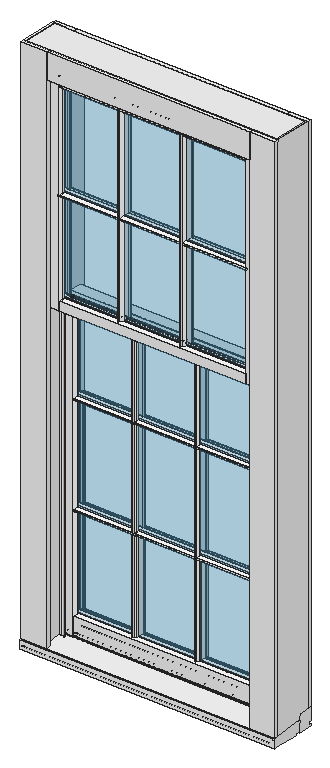
Revit family "B1-69", category Generic Models, Revit 2012
Parameters (values of type "Window Sill drawing")
  Width = 1600 mm
  Height = 1250 mm
  GlazingPanelMaterial = Glass
  Floor Material = White
Reference planes
  plane 1 "Center (Front/Back)": y = 0
  plane 2: z = 0
  plane 3 "Center (Left/Right)": x = 104
  plane 4: z = 2144
  plane 5: x = -800
  plane 6: y = -21.25
  plane 7: y = 137.75
  plane 8: x = -669
  plane 9: y = -21.25
  plane 10: z = 1275.52
  plane 11: z = 1231.52
  plane 12: z = 2044
  plane 13: z = 2058
  plane 14: z = 33
  plane 15: z = 2062
  plane 16: z = 68
  plane 17: x = 204
  plane 18: x = -431.5
  plane 19: x = -184.921
  plane 20: z = -98.018
  plane 21: y = 110
  plane 22: y = 110
  plane 23: y = 110
  plane 24: y = 110
  plane 25: y = 110
  plane 26: y = 110
  plane 27: x = 73
  plane 28: x = 718
  plane 29: z = 2144
  plane 30: y = 110
  plane 31: y = 110
  plane 32: y = 110
  plane 33: z = 484
  plane 34: z = 2013.938
  plane 35: z = 1628.52
  plane 36: y = 39.937
  plane 37: y = 39.937
  plane 38: y = 39.937
  plane 39: z = 877.04
  plane 40: y = 110
  plane 41: y = 110
  plane 42: y = 110
Forms (mm)
  Extrusion 1, solid, material "White" <- "Floor Material"
    sketch origin (250, 0, 963.815) x (0, 1, 0) y (0, 0, 1)
      loop
        arc (117, 270.705) -> (122.657, 273.048) -> (125, 278.705) r 8
        line (125, 278.705) -> (128, 278.705) -> (128, 283.705) -> (109, 283.705) -> (109, 271.705) -> (112, 271.705) -> (113, 267.705) -> (117, 267.705) -> (117, 270.705)
      loop
        line (105, 279.705) -> (89, 279.705) -> (89, 269.705) -> (105, 269.705) -> (105, 279.705)
      loop
        line (60, 267.705) -> (60, 292.705) -> (54, 292.705) -> (54, 295.705) -> (12, 295.705) -> (12, 311.705) -> (10, 311.705) -> (0, 301.705) -> (0, 267.705) -> (30.175, 267.705) -> (60, 267.705)
      loop
        line (34, 309.705) -> (18, 309.705) -> (18, 299.705) -> (34, 299.705) -> (34, 309.705)
      loop
        arc (55.863, 295.544) -> (54.863, 294.544) -> (55.863, 293.544) r 1
        line (55.863, 293.544) -> (63.363, 293.544) -> (63.363, 297.514) -> (65.419, 294.702)
        arc (65.419, 294.702) -> (66.732, 294.803) -> (66.834, 296.116) r 1.012
        line (66.834, 296.116) -> (63.848, 300.198)
        arc (63.848, 300.198) -> (62.358, 300.722) -> (61.333, 299.52) r 1.396
        line (61.333, 299.52) -> (61.333, 295.544) -> (55.863, 295.544)
    from -917.922 to -178.078
  Extrusion 2, solid, material "White" <- "Floor Material"
    sketch origin (1015, 13.291, 911.009) x (0, 1, 0) y (0, 0, 1)
      loop
        line (69.709, 336.511) -> (96.209, 336.511) -> (96.209, 364.511) -> (50.709, 364.511) -> (50.709, 359.511) -> (52.709, 349.511) -> (57.709, 349.511) -> (57.709, 339.968) -> (63.93, 339.968) -> (63.93, 336.511) -> (57.709, 336.511) -> (57.709, 320.511) -> (69.709, 320.511) -> (69.709, 336.511)
      loop
        line (53.709, 320.511) -> (53.709, 325.511) -> (51.709, 335.511) -> (46.709, 335.511) -> (46.709, 320.511) -> (53.709, 320.511)
      loop
        line (46.709, 364.511) -> (28.709, 364.511) -> (27.709, 360.511) -> (24.709, 360.511) -> (24.709, 348.511) -> (46.709, 348.511) -> (46.709, 364.511)
      loop
        arc (62.465, 337.284) -> (63.465, 338.284) -> (62.465, 339.284) r 1
        line (62.465, 339.284) -> (54.965, 339.284) -> (54.965, 335.315) -> (52.908, 338.127)
        arc (52.908, 338.127) -> (51.596, 338.025) -> (51.494, 336.712) r 1.012
        line (51.494, 336.712) -> (54.48, 332.63)
        arc (54.48, 332.63) -> (55.97, 332.107) -> (56.995, 333.309) r 1.396
        line (56.995, 333.309) -> (56.995, 337.284) -> (62.465, 337.284)
    from -1688.922 to -937.311
  Extrusion 3, solid, material "White" <- "Floor Material"
    sketch origin (865, 123.171, 924.733) x (0, 1, 0) y (0, 0, 1)
      loop
        line (-14.171, 306.296) -> (-10.171, 306.787) -> (-11.171, 310.787) -> (-14.171, 310.787) -> (-14.171, 306.296)
      loop
        line (-38.171, 306.542) -> (-38.171, 309.542) -> (-40.171, 309.787) -> (-40.171, 306.787) -> (-38.171, 306.542)
      loop
        line (-85.171, 351.278) -> (-85.171, 346.787) -> (-82.171, 346.787) -> (-81.171, 350.787) -> (-85.171, 351.278)
      loop
        line (-111.171, 347.787) -> (-109.171, 348.033) -> (-109.171, 351.033) -> (-111.171, 350.787) -> (-111.171, 347.787)
    from -1534 to -787.209
  Extrusion 4, solid, material "Glass" <- "GlazingPanelMaterial"
    sketch origin (150, 64.106, 220.533) x (0, 1, 0) y (0, 0, 1)
      loop
        line (44.88, -103.528) -> (44.88, 1021.987) -> (40.88, 1021.987) -> (40.88, -103.528) -> (44.88, -103.528)
      loop
        line (24.88, 1021.987) -> (20.88, 1021.987) -> (20.88, -103.528) -> (24.88, -103.528) -> (24.88, 1021.987)
    from -819 to -88.078
  Extrusion 5, solid, material "White" <- "Floor Material"
    sketch origin (761.418, 125.498, 1270.719) x (0, -0.121869, -0.992546) y (0, 0.992546, -0.121869)
      loop
        line (28.327, -57.65) -> (23.969, -54.354)
        arc (23.969, -54.354) -> (22.506, -54.612) -> (22.765, -56.075) r 1.05
        line (22.765, -56.075) -> (26.332, -58.837)
        arc (26.332, -58.837) -> (26.584, -59.776) -> (25.835, -60.396) r 0.9
        line (25.835, -60.396) -> (19.693, -61.15)
        arc (19.693, -61.15) -> (19.162, -61.383) -> (18.989, -61.936) r 0.7
        line (18.989, -61.936) -> (19.197, -63.633) -> (19.712, -64.398) -> (20.1, -67.562) -> (19.196, -66.76) -> (19.293, -67.554) -> (20.152, -68.225) -> (20.951, -68.183) -> (23.094, -67.324) -> (22.996, -66.53) -> (20.532, -66.978) -> (20.205, -64.315)
        arc (20.205, -64.315) -> (20.389, -63.651) -> (20.989, -63.312) r 0.9
        line (20.989, -63.312) -> (28.761, -62.358)
        arc (28.761, -62.358) -> (29.205, -62.1) -> (29.324, -61.601) r 0.65
        line (29.324, -61.601) -> (28.752, -58.33)
        arc (28.752, -58.33) -> (28.631, -57.932) -> (28.327, -57.65) r 0.798
    from -1430.418 to -1181
  Extrusion 6, solid, material "White" <- "Floor Material"
    sketch origin (911.418, 126.532, 1271.954) x (0, -0.121869, -0.992546) y (0, 0.992546, -0.121869)
      loop
        arc (25.38, -55.148) -> (23.778, -55.428) -> (24.057, -57.03) r 1.15
        line (24.057, -57.03) -> (27.62, -59.789)
        arc (27.62, -59.789) -> (27.84, -60.623) -> (27.175, -61.172) r 0.8
        line (27.175, -61.172) -> (20.939, -61.931)
        arc (20.939, -61.931) -> (20.405, -62.232) -> (20.241, -62.823) r 0.8
        line (20.241, -62.823) -> (20.45, -64.52) -> (20.968, -65.312) -> (21.339, -68.337) -> (20.548, -67.635) -> (20.645, -68.429) -> (21.504, -69.1) -> (22.303, -69.058) -> (24.446, -68.2) -> (24.348, -67.406) -> (21.983, -67.835) -> (21.657, -65.178)
        arc (21.657, -65.178) -> (21.82, -64.588) -> (22.353, -64.287) r 0.8
        line (22.353, -64.287) -> (30.127, -63.332)
        arc (30.127, -63.332) -> (30.638, -63.034) -> (30.774, -62.459) r 0.75
        line (30.774, -62.459) -> (30.244, -59.424)
        arc (30.244, -59.424) -> (30.154, -58.918) -> (29.833, -58.516) r 1.042
        line (29.833, -58.516) -> (25.38, -55.148)
    from -1580.418 to -1331
  Extrusion 7, solid, material "White" <- "Floor Material"
    sketch origin (861.418, 121.497, 1283.598) x (0, -0.121869, -0.992546) y (0, 0.992546, -0.121869)
      loop
        line (37.899, -55.316) -> (32.161, -55.997)
        arc (32.161, -55.997) -> (31.827, -56.184) -> (31.724, -56.554) r 0.5
        line (31.724, -56.554) -> (32.395, -62.021) -> (31.491, -61.219) -> (31.588, -62.013) -> (32.447, -62.684) -> (33.246, -62.642) -> (35.389, -61.784) -> (35.291, -60.989) -> (32.827, -61.437) -> (32.285, -57.019)
        arc (32.285, -57.019) -> (32.428, -56.659) -> (32.772, -56.479) r 0.558
        line (32.772, -56.479) -> (37.96, -55.818)
        arc (37.96, -55.818) -> (38.179, -55.536) -> (37.899, -55.316) r 0.253
    from -1530.418 to -788.418
  Extrusion 8, solid, material "White" <- "Floor Material"
    sketch origin (-78.582, 5.502, 1236.603) x (0, 0.121869, 0.992546) y (0, -0.992546, 0.121869)
      loop
        line (28.327, -57.65) -> (23.969, -54.354)
        arc (23.969, -54.354) -> (22.506, -54.612) -> (22.765, -56.075) r 1.05
        line (22.765, -56.075) -> (26.332, -58.837)
        arc (26.332, -58.837) -> (26.584, -59.776) -> (25.835, -60.396) r 0.9
        line (25.835, -60.396) -> (19.693, -61.15)
        arc (19.693, -61.15) -> (19.162, -61.383) -> (18.989, -61.936) r 0.7
        line (18.989, -61.936) -> (19.197, -63.633) -> (19.712, -64.398) -> (20.1, -67.562) -> (19.196, -66.76) -> (19.293, -67.554) -> (20.152, -68.225) -> (20.951, -68.183) -> (23.094, -67.324) -> (22.996, -66.53) -> (20.532, -66.978) -> (20.205, -64.315)
        arc (20.205, -64.315) -> (20.389, -63.651) -> (20.989, -63.312) r 0.9
        line (20.989, -63.312) -> (28.761, -62.358)
        arc (28.761, -62.358) -> (29.205, -62.1) -> (29.324, -61.601) r 0.65
        line (29.324, -61.601) -> (28.752, -58.33)
        arc (28.752, -58.33) -> (28.631, -57.932) -> (28.327, -57.65) r 0.798
    from -590.418 to 140.504
  Extrusion 9, solid, material "White" <- "Floor Material"
    sketch origin (736.418, 9.503, 1223.725) x (0, 0.121869, 0.992546) y (0, -0.992546, 0.121869)
      loop
        line (37.899, -55.316) -> (32.161, -55.997)
        arc (32.161, -55.997) -> (31.827, -56.184) -> (31.724, -56.554) r 0.5
        line (31.724, -56.554) -> (32.395, -62.021) -> (31.491, -61.219) -> (31.588, -62.013) -> (32.447, -62.684) -> (33.246, -62.642) -> (35.389, -61.784) -> (35.291, -60.989) -> (32.827, -61.437) -> (32.285, -57.019)
        arc (32.285, -57.019) -> (32.428, -56.659) -> (32.772, -56.479) r 0.558
        line (32.772, -56.479) -> (37.96, -55.818)
        arc (37.96, -55.818) -> (38.179, -55.536) -> (37.899, -55.316) r 0.253
    from -1405.418 to -674.496
  Extrusion 10, solid, material "White" <- "Floor Material"
    sketch origin (815, 0, 963.815) x (0, 1, 0) y (0, 0, 1)
      loop
        line (38, 299.705) -> (12, 299.705) -> (12, 295.705) -> (38, 295.705) -> (38, 299.705)
      loop
        line (109, 283.705) -> (83, 283.705) -> (83, 279.705) -> (109, 279.705) -> (109, 283.705)
    from -1484 to -1234.582
  Extrusion 11, solid, not visible
    sketch origin (0, 0, 9.375) x (0, 1, 0) y (0, 0, 1)
      loop
        line (94.662, 311.911) -> (94.314, 312.868) -> (95.314, 312.868) -> (93.454, 317.977) -> (86.115, 317.977) -> (85.011, 317.575) -> (64.143, 317.575) -> (64.143, 311.911) -> (94.662, 311.911)
    from 0 to 250
  Extrusion 12, solid, not visible
    sketch origin (0, 0, 9.375) x (0, 1, 0) y (0, 0, 1)
      loop
        line (93.688, 317.334) -> (85.92, 317.334) -> (87.101, 312.926) -> (95.293, 312.926) -> (93.688, 317.334)
      loop
        line (91.853, 322.376) -> (91.853, 328.194)
        arc (91.853, 328.194) -> (91.424, 329.231) -> (90.388, 329.66) r 1.465
        line (90.388, 329.66) -> (71.853, 329.66) -> (71.853, 322.376) -> (91.853, 322.376)
      loop
        line (73.373, 320.598) -> (64.143, 320.598) -> (64.143, 317.575) -> (73.373, 317.575) -> (73.373, 320.598)
      loop
        line (61.169, 311.884) -> (61.169, 316.884) -> (56.169, 316.884)
        arc (56.169, 316.884) -> (53.926, 317.813) -> (52.996, 320.057) r 3.173
        line (52.996, 320.057) -> (52.996, 327.594)
        arc (52.996, 327.594) -> (53.247, 329.284) -> (54.656, 330.25) r 2.138
        line (54.656, 330.25) -> (56.493, 330.25)
        arc (56.493, 330.25) -> (57.939, 329.727) -> (58.925, 328.548) r 2.95
        line (58.925, 328.548) -> (59.306, 324.922) -> (61.24, 324.922) -> (60.612, 330.901)
        arc (60.612, 330.901) -> (59.723, 332.646) -> (57.894, 333.348) r 2.733
        line (57.894, 333.348) -> (52.423, 333.348)
        arc (52.423, 333.348) -> (50.164, 330.795) -> (49.999, 327.391) r 5.139
        line (49.999, 327.391) -> (47.957, 316.884)
        arc (47.957, 316.884) -> (49.179, 314.507) -> (49.698, 311.884) r 9.583
        line (49.698, 311.884) -> (61.169, 311.884)
    from 0 to 250
  Extrusion 13, solid, material "White" <- "Floor Material"
    sketch origin (50, -21.25, 1760.188) x (0, 1, 0) y (0, 0, 1)
      loop
        line (78.5, 268.749) -> (59.5, 268.749) -> (59.5, 256.749) -> (62.5, 256.749) -> (63.5, 252.749) -> (67.5, 252.749) -> (67.5, 255.749)
        arc (67.5, 255.749) -> (73.157, 258.092) -> (75.5, 263.749) r 8
        line (75.5, 263.749) -> (78.5, 263.749) -> (78.5, 268.749)
      loop
        line (67.534, 317.378) -> (63.288, 313.116) -> (63.101, 309.432)
        arc (63.101, 309.432) -> (63.279, 308.951) -> (63.75, 308.749) r 0.65
        line (63.75, 308.749) -> (71.582, 308.749)
        arc (71.582, 308.749) -> (72.219, 308.486) -> (72.482, 307.849) r 0.9
        line (72.482, 307.849) -> (72.482, 305.266) -> (69.639, 305.266) -> (69.639, 304.437) -> (70.5, 304.437) -> (72.582, 304.032) -> (73.5, 304.437) -> (73.5, 308.749) -> (73.4, 310.459)
        arc (73.4, 310.459) -> (73.16, 310.987) -> (72.605, 311.153) r 0.7
        line (72.605, 311.153) -> (66.417, 311.153)
        arc (66.417, 311.153) -> (65.695, 311.514) -> (65.553, 312.309) r 0.9
        line (65.553, 312.309) -> (68.938, 315.817)
        arc (68.938, 315.817) -> (69.016, 317.299) -> (67.534, 317.378) r 1.05
    from -719 to 23
  Extrusion 14, solid, material "White" <- "Floor Material"
    sketch origin (50, -21.25, 1749.251) x (0, 1, 0) y (0, 0, 1)
      loop
        line (154, 344.749) -> (154, 388.749) -> (20, 388.749) -> (20, 344.749) -> (154, 344.749)
    from -749.921 to 54
  Extrusion 15, solid, material "Glass" <- "GlazingPanelMaterial"
    sketch origin (0, -6.957, 1502.493) x (0, 1, 0) y (0, 0, 1)
      loop
        line (45.207, -226.973) -> (45.207, 526.445) -> (41.207, 526.445) -> (41.207, -226.973) -> (45.207, -226.973)
      loop
        line (24.957, 526.445) -> (20.957, 526.445) -> (20.957, -226.973) -> (24.957, -226.973) -> (24.957, 526.445)
    from -669 to 61.922
  Extrusion 16, solid, material "White" <- "Floor Material"
    sketch origin (-72.332, 95.318, 2181.485) x (0, 1, 0) y (0, 0, 1)
      loop
        line (-97.368, -115.408) -> (-98.782, -115.408) -> (-98.782, -120.691) -> (-97.368, -120.691) -> (-97.368, -119.602) -> (-97.368, -116.493) -> (-97.368, -115.408)
    from -596.668 to -347.25
  Extrusion 17, solid, material "White" <- "Floor Material"
    sketch origin (50, -21.25, 1760.188) x (0, 1, 0) y (0, 0, 1)
      loop
        line (17, 304.499) -> (13, 304.499) -> (13, 301.999) -> (17, 301.999) -> (17, 299.749) -> (20, 299.749) -> (20, 301.694) -> (19.2, 301.694) -> (19.2, 300.606) -> (17.786, 300.606) -> (17.786, 305.893) -> (19.2, 305.893) -> (19.2, 304.804) -> (20, 304.804) -> (20, 306.749) -> (17, 306.749) -> (17, 304.499)
    from -719 to 23
  Extrusion 18, solid, material "White" <- "Floor Material"
    sketch origin (50, -21.25, 1760.188) x (0, 1, 0) y (0, 0, 1)
      loop
        line (23.862, 300.393) -> (23.862, 306.074)
        spline (23.862, 306.074) -> (23.6, 305.683) -> (23.284, 305.425) -> (22.922, 305.27) -> (22.524, 305.189) -> (22.101, 305.153) -> (21.66, 305.133) -> (21.213, 305.1) -> (20.767, 305.024) -> (20.334, 304.876) -> (19.922, 304.627) -> (19.541, 304.248) -> (19.2, 303.71)
        line (19.2, 303.71) -> (19.2, 302.476)
        spline (19.2, 302.476) -> (19.558, 301.967) -> (19.948, 301.615) -> (20.362, 301.392) -> (20.792, 301.269) -> (21.23, 301.216) -> (21.669, 301.205) -> (22.099, 301.206) -> (22.515, 301.191) -> (22.906, 301.132) -> (23.267, 300.998) -> (23.588, 300.761) -> (23.862, 300.393)
    from -719 to -224
  Extrusion 19, solid, material "White" <- "Floor Material"
    sketch origin (-22.332, 36.182, 2181.485) x (0, -1, 0) y (0, 0, -1)
      loop
        line (-97.368, 115.408) -> (-97.368, 116.493) -> (-97.368, 119.602) -> (-97.368, 120.691) -> (-98.782, 120.691) -> (-98.782, 115.408) -> (-97.368, 115.408)
    from -695.605 to 95.332
  Extrusion 20, solid, material "White" <- "Floor Material"
    sketch origin (25, 152.75, 1760.188) x (0, -1, 0) y (0, 0, -1)
      loop
        spline (23.862, -300.393) -> (23.588, -300.761) -> (23.267, -300.998) -> (22.906, -301.132) -> (22.515, -301.191) -> (22.099, -301.206) -> (21.669, -301.205) -> (21.23, -301.216) -> (20.792, -301.269) -> (20.362, -301.392) -> (19.948, -301.615) -> (19.558, -301.967) -> (19.2, -302.476)
        line (19.2, -302.476) -> (19.2, -303.71)
        spline (19.2, -303.71) -> (19.541, -304.248) -> (19.922, -304.627) -> (20.334, -304.876) -> (20.767, -305.024) -> (21.213, -305.1) -> (21.66, -305.133) -> (22.101, -305.153) -> (22.524, -305.189) -> (22.922, -305.27) -> (23.284, -305.425) -> (23.6, -305.683) -> (23.862, -306.074)
        line (23.862, -306.074) -> (23.862, -300.393)
    from -694 to -444.582
  Extrusion 21, solid, material "White" <- "Floor Material"
    sketch origin (50, 234.566, 1876.409) x (0, 1, 0) y (0, 0, 1)
      loop
        line (-222.316, 137.529) -> (-220.566, 137.744) -> (-220.566, 140.529) -> (-222.316, 140.529) -> (-222.316, 137.529)
      loop
        line (-193.316, 140.529) -> (-196.316, 140.529) -> (-196.316, 136.529) -> (-192.316, 136.529) -> (-193.316, 140.529)
    from -719 to -469.582
  Extrusion 22, solid, material "White" <- "Floor Material"
    sketch origin (50, -21.25, 1749.251) x (0, 1, 0) y (0, 0, 1)
      loop
        line (159, 312.749) -> (159, 388.749) -> (20, 388.749) -> (20, 329.749) -> (15, 329.749) -> (15, 321.749) -> (20, 321.749) -> (20, 312.749) -> (83, 312.749) -> (83, 319.749) -> (91, 319.749) -> (91, 312.749) -> (159, 312.749)
    from -767.938 to 71.921
  Extrusion 23, solid, material "White" <- "Floor Material"
    sketch origin (-172.332, 69.685, -12.907) x (0, -1, 0) y (0, 0, -1)
      loop
        line (-28.815, -17.907) -> (-28.815, -45.907) -> (-33.815, -45.907) -> (-33.815, -60.907) -> (-28.815, -60.907) -> (92.551, -46.005)
        arc (92.551, -46.005) -> (94.432, -45.015) -> (95.185, -43.027) r 3
        line (95.185, -43.027) -> (95.185, -12.907) -> (90.185, -12.907) -> (90.185, -14.907)
        arc (90.185, -14.907) -> (87.185, -17.907) -> (84.185, -14.907) r 3
        line (84.185, -14.907) -> (84.185, -12.907) -> (-8.815, -12.907) -> (-8.815, -17.907) -> (-28.815, -17.907)
    from -627.668 to 376.332
  Extrusion 24, solid, material "White" <- "Floor Material"
    sketch origin (-172.332, 69.685, 0) x (0, -1, 0) y (0, 0, -1)
      loop
        line (-82.815, 0) -> (-82.815, -10) -> (-72.815, -10) -> (-72.815, -20) -> (-82.815, -20) -> (-82.815, -68) -> (-62.815, -68) -> (-28.815, -63.825) -> (-28.815, -58.913)
        arc (-28.815, -58.913) -> (-31.815, -55.913) -> (-28.815, -52.913) r 3
        line (-28.815, -52.913) -> (-28.815, -48) -> (-33.815, -48) -> (-33.815, -33) -> (-28.815, -33) -> (-28.815, 0) -> (-82.815, 0)
    from -627.668 to 376.332
  Extrusion 25, solid, material "White" <- "Floor Material"
    sketch origin (-172.332, 75.723, -26.266) x (0, -1, 0) y (0, 0, -1)
      loop
        line (-6.277, -76.621) -> (-17.277, -77.972) -> (-17.277, -99.936) -> (-21.277, -99.936) -> (-21.277, -139.271) -> (-7.277, -139.271) -> (-7.277, -155.271) -> (-5.277, -155.271) -> (4.723, -145.271) -> (4.723, -77.246)
        arc (4.723, -77.246) -> (3.711, -74.999) -> (1.357, -74.268) r 3
        line (1.357, -74.268) -> (-3.277, -74.837) -> (-3.277, -82.253) -> (-6.277, -82.253) -> (-6.277, -76.621)
      loop
        line (-55.277, -139.271) -> (-29.277, -139.271) -> (-29.277, -99.936) -> (-33.277, -99.936) -> (-33.277, -94.936) -> (-44.277, -96.287) -> (-44.277, -102.287) -> (-47.277, -102.287) -> (-47.277, -96.655) -> (-52.643, -97.314)
        arc (-52.643, -97.314) -> (-54.524, -98.304) -> (-55.277, -100.292) r 3
        line (-55.277, -100.292) -> (-55.277, -139.271)
    from -495.589 to 244.332
  Extrusion 26, solid, material "White" <- "Floor Material"
    sketch origin (-172.332, 36.806, -33.552) x (0, -1, 0) y (0, 0, -1)
      loop
        line (-97.22, -108.207) -> (-97.22, -106.552) -> (-98.72, -106.552) -> (-98.72, -111.552) -> (-97.22, -111.552) -> (-97.22, -109.898)
        spline (-97.22, -109.898) -> (-96.846, -110.536) -> (-96.419, -110.991) -> (-95.951, -111.297) -> (-95.454, -111.486) -> (-94.941, -111.593) -> (-94.423, -111.65) -> (-93.912, -111.691) -> (-93.422, -111.75) -> (-92.964, -111.859) -> (-92.55, -112.054) -> (-92.193, -112.366) -> (-91.905, -112.83)
        line (-91.905, -112.83) -> (-91.905, -105.274)
        spline (-91.905, -105.274) -> (-92.193, -105.738) -> (-92.55, -106.051) -> (-92.964, -106.245) -> (-93.422, -106.355) -> (-93.912, -106.414) -> (-94.423, -106.455) -> (-94.941, -106.512) -> (-95.454, -106.619) -> (-95.951, -106.808) -> (-96.419, -107.113) -> (-96.846, -107.569) -> (-97.22, -108.207)
    from -496.668 to 244.332
  Extrusion 27, solid, material "White" <- "Floor Material"
    sketch origin (-172.332, 73.367, -7.569) x (0, -1, 0) y (0, 0, -1)
      loop
        line (-54.633, -125.574) -> (-51.633, -125.574)
        arc (-51.633, -125.574) -> (-49.289, -131.23) -> (-43.633, -133.574) r 8
        line (-43.633, -133.574) -> (-43.633, -136.574) -> (-39.633, -136.574) -> (-38.633, -132.574) -> (-35.633, -132.574) -> (-35.633, -120.574) -> (-54.633, -120.574) -> (-54.633, -125.574)
    from -496.668 to 244.332
  Extrusion 28, solid, material "White" <- "Floor Material"
    sketch origin (-172.332, 69.685, 0) x (0, -1, 0) y (0, 0, -1)
      loop
        line (-39.315, -113.004) -> (-39.315, -117.004) -> (-15.315, -117.004) -> (-15.315, -126.25) -> (-13.315, -126.004) -> (-13.315, -113.004) -> (-39.315, -113.004)
    from -496.668 to 244.332
  Extrusion 29, solid, material "White" <- "Floor Material"
    sketch origin (-153.582, 101.098, -13.29) x (0, -1, 0) y (0, 0, -1)
      loop
        line (28.327, -57.65) -> (23.969, -54.354)
        arc (23.969, -54.354) -> (22.506, -54.612) -> (22.765, -56.075) r 1.05
        line (22.765, -56.075) -> (26.332, -58.837)
        arc (26.332, -58.837) -> (26.584, -59.776) -> (25.835, -60.396) r 0.9
        line (25.835, -60.396) -> (19.693, -61.15)
        arc (19.693, -61.15) -> (19.162, -61.383) -> (18.989, -61.936) r 0.7
        line (18.989, -61.936) -> (19.197, -63.633) -> (19.712, -64.398) -> (20.1, -67.562) -> (19.196, -66.76) -> (19.293, -67.554) -> (20.152, -68.225) -> (20.951, -68.183) -> (23.094, -67.324) -> (22.996, -66.53) -> (20.532, -66.978) -> (20.205, -64.315)
        arc (20.205, -64.315) -> (20.389, -63.651) -> (20.989, -63.312) r 0.9
        line (20.989, -63.312) -> (28.761, -62.358)
        arc (28.761, -62.358) -> (29.205, -62.1) -> (29.324, -61.601) r 0.65
        line (29.324, -61.601) -> (28.752, -58.33)
        arc (28.752, -58.33) -> (28.631, -57.932) -> (28.327, -57.65) r 0.798
    from -551.339 to 257.582
  Extrusion 30, solid, material "White" <- "Floor Material"
    sketch origin (-153.582, 113.393, -7.749) x (0, -1, 0) y (0, 0, -1)
      loop
        line (37.899, -55.316) -> (32.161, -55.997)
        arc (32.161, -55.997) -> (31.827, -56.184) -> (31.724, -56.554) r 0.5
        line (31.724, -56.554) -> (32.395, -62.021) -> (31.491, -61.219) -> (31.588, -62.013) -> (32.447, -62.684) -> (33.246, -62.642) -> (35.389, -61.784) -> (35.291, -60.989) -> (32.827, -61.437) -> (32.285, -57.019)
        arc (32.285, -57.019) -> (32.428, -56.659) -> (32.772, -56.479) r 0.558
        line (32.772, -56.479) -> (37.96, -55.818)
        arc (37.96, -55.818) -> (38.179, -55.536) -> (37.899, -55.316) r 0.253
    from -515.418 to 225.582
  Extrusion 31, solid, material "White" <- "Floor Material"
    sketch origin (-172.332, 69.685, 0) x (0, -1, 0) y (0, 0, -1)
      loop
        line (-35.315, -127.004) -> (-19.315, -127.004) -> (-19.315, -117.004) -> (-35.315, -117.004) -> (-35.315, -127.004)
    from -496.668 to 244.332
  Extrusion 32, solid, material "White" <- "Floor Material"
    sketch origin (-153.582, 142.098, 6.744) x (0, -1, 0) y (0, 0, -1)
      loop
        line (28.327, -57.65) -> (23.969, -54.354)
        arc (23.969, -54.354) -> (22.506, -54.612) -> (22.765, -56.075) r 1.05
        line (22.765, -56.075) -> (26.332, -58.837)
        arc (26.332, -58.837) -> (26.584, -59.776) -> (25.835, -60.396) r 0.9
        line (25.835, -60.396) -> (19.693, -61.15)
        arc (19.693, -61.15) -> (19.162, -61.383) -> (18.989, -61.936) r 0.7
        line (18.989, -61.936) -> (19.197, -63.633) -> (19.712, -64.398) -> (20.1, -67.562) -> (19.196, -66.76) -> (19.293, -67.554) -> (20.152, -68.225) -> (20.951, -68.183) -> (23.094, -67.324) -> (22.996, -66.53) -> (20.532, -66.978) -> (20.205, -64.315)
        arc (20.205, -64.315) -> (20.389, -63.651) -> (20.989, -63.312) r 0.9
        line (20.989, -63.312) -> (28.761, -62.358)
        arc (28.761, -62.358) -> (29.205, -62.1) -> (29.324, -61.601) r 0.65
        line (29.324, -61.601) -> (28.752, -58.33)
        arc (28.752, -58.33) -> (28.631, -57.932) -> (28.327, -57.65) r 0.798
    from -515.418 to 225.582
  Extrusion 33, solid, material "White" <- "Floor Material"
    sketch origin (-153.582, 143.45, 5.869) x (0, -1, 0) y (0, 0, -1)
      loop
        arc (25.38, -55.148) -> (23.778, -55.428) -> (24.057, -57.03) r 1.15
        line (24.057, -57.03) -> (27.62, -59.789)
        arc (27.62, -59.789) -> (27.84, -60.623) -> (27.175, -61.172) r 0.8
        line (27.175, -61.172) -> (20.939, -61.931)
        arc (20.939, -61.931) -> (20.405, -62.232) -> (20.241, -62.823) r 0.8
        line (20.241, -62.823) -> (20.45, -64.52) -> (20.968, -65.312) -> (21.339, -68.337) -> (20.548, -67.635) -> (20.645, -68.429) -> (21.504, -69.1) -> (22.303, -69.058) -> (24.446, -68.2) -> (24.348, -67.406) -> (21.983, -67.835) -> (21.657, -65.178)
        arc (21.657, -65.178) -> (21.82, -64.588) -> (22.353, -64.287) r 0.8
        line (22.353, -64.287) -> (30.127, -63.332)
        arc (30.127, -63.332) -> (30.638, -63.034) -> (30.774, -62.459) r 0.75
        line (30.774, -62.459) -> (30.244, -59.424)
        arc (30.244, -59.424) -> (30.154, -58.918) -> (29.833, -58.516) r 1.042
        line (29.833, -58.516) -> (25.38, -55.148)
    from -515.418 to 225.582
  Extrusion 34, solid, material "White" <- "Floor Material"
    sketch origin (-153.582, 154.393, 12.285) x (0, -1, 0) y (0, 0, -1)
      loop
        line (37.899, -55.316) -> (32.161, -55.997)
        arc (32.161, -55.997) -> (31.827, -56.184) -> (31.724, -56.554) r 0.5
        line (31.724, -56.554) -> (32.395, -62.021) -> (31.491, -61.219) -> (31.588, -62.013) -> (32.447, -62.684) -> (33.246, -62.642) -> (35.389, -61.784) -> (35.291, -60.989) -> (32.827, -61.437) -> (32.285, -57.019)
        arc (32.285, -57.019) -> (32.428, -56.659) -> (32.772, -56.479) r 0.558
        line (32.772, -56.479) -> (37.96, -55.818)
        arc (37.96, -55.818) -> (38.179, -55.536) -> (37.899, -55.316) r 0.253
    from -515.418 to 225.582
  Extrusion 35, solid, material "White" <- "Floor Material"
    sketch origin (-172.332, 69.685, 0) x (0, -1, 0) y (0, 0, -1)
      loop
        line (-39.315, -129.495) -> (-39.315, -125.004) -> (-42.315, -125.004) -> (-43.315, -129.004) -> (-39.315, -129.495)
      loop
        line (-15.315, -129.25) -> (-13.315, -129.004) -> (-13.315, -126.004) -> (-15.315, -126.25) -> (-15.315, -129.25)
    from -496.668 to 244.332
  Extrusion 36, solid, material "White" <- "Floor Material"
    sketch origin (-511.418, -643.153, 0) x (1, 0, 0) y (0, 1, 0)
      loop
        line (-280.004, 695.902) -> (-280.004, 650.902) -> (-235.004, 650.902) -> (-235.004, 695.902) -> (-280.004, 695.902)
      loop
        circle (-257.504, 673.402) r 3.5
      loop
        circle (-257.504, 744.402) r 3.5
      loop
        line (-235.004, 766.902) -> (-280.004, 766.902) -> (-280.004, 721.902) -> (-235.004, 721.902) -> (-235.004, 766.902)
      loop
        line (-281.504, 707.402) -> (-233.504, 707.402) -> (-233.504, 710.402) -> (-281.504, 710.402) -> (-281.504, 707.402)
      loop
        line (-206.504, 712.902) -> (-213.504, 712.902) -> (-213.504, 704.902) -> (-192.504, 704.902)
        arc (-192.504, 704.902) -> (-188.504, 708.902) -> (-192.504, 712.902) r 4
        line (-192.504, 712.902) -> (-206.504, 712.902)
    from 33 to 2044
  Extrusion 37, solid, material "White" <- "Floor Material"
    sketch origin (-511.434, -643.965, 0) x (1, 0, 0) y (0, 1, 0)
      loop
        line (-209.504, 752.402) -> (-254.504, 752.402) -> (-254.504, 736.402) -> (-209.504, 736.402) -> (-209.504, 729.902) -> (-206.504, 729.902) -> (-206.504, 758.902) -> (-209.504, 758.902) -> (-209.504, 752.402)
      loop
        line (-254.504, 681.402) -> (-254.504, 665.402) -> (-209.504, 665.402) -> (-209.504, 658.902) -> (-206.504, 658.902) -> (-206.504, 687.902) -> (-209.504, 687.902) -> (-209.504, 681.402) -> (-254.504, 681.402)
    from 33 to 2028.937
  Extrusion 38, solid, material "White" <- "Floor Material"
    sketch origin (-511.418, -571.902, -672) x (1, 0, 0) y (0, 1, 0)
      loop
        line (-156.504, 643.402) -> (-146.504, 653.402) -> (-146.504, 655.402) -> (-162.504, 655.402) -> (-162.504, 703.402) -> (-199.504, 703.402)
        arc (-199.504, 703.402) -> (-201.625, 702.524) -> (-202.504, 700.402) r 3
        line (-202.504, 700.402) -> (-202.504, 679.402) -> (-196.504, 679.402) -> (-196.504, 667.402) -> (-202.504, 667.402) -> (-202.504, 654.402) -> (-196.504, 654.402) -> (-196.504, 651.402) -> (-202.504, 651.402) -> (-202.504, 646.402)
        arc (-202.504, 646.402) -> (-201.625, 644.281) -> (-199.504, 643.402) r 3
        line (-199.504, 643.402) -> (-156.504, 643.402)
    from 717.039 to 1919.52
  Extrusion 39, solid, material "White" <- "Floor Material"
    sketch origin (-511.418, -571.902, -672) x (1, 0, 0) y (0, 1, 0)
      loop
        line (-162.504, 700.402) -> (-162.504, 681.402) -> (-150.504, 681.402) -> (-150.504, 684.402) -> (-146.504, 685.402) -> (-146.504, 689.402) -> (-149.504, 689.402)
        arc (-149.504, 689.402) -> (-151.847, 695.059) -> (-157.504, 697.402) r 8
        line (-157.504, 697.402) -> (-157.504, 700.402) -> (-162.504, 700.402)
    from 705 to 1540.52
  Extrusion 40, solid, not visible
    sketch origin (-848.022, -244.537, 0) x (1, 0, 0) y (0, 1, 0)
      loop
        line (-156.504, 643.402) -> (-146.504, 653.402) -> (-146.504, 655.402) -> (-162.504, 655.402) -> (-162.504, 703.402) -> (-199.504, 703.402)
        arc (-199.504, 703.402) -> (-201.625, 702.524) -> (-202.504, 700.402) r 3
        line (-202.504, 700.402) -> (-202.504, 695.402) -> (-196.504, 695.402) -> (-196.504, 692.402) -> (-202.504, 692.402) -> (-202.504, 679.402) -> (-196.504, 679.402) -> (-196.504, 667.402) -> (-202.504, 667.402) -> (-202.504, 646.402)
        arc (-202.504, 646.402) -> (-201.625, 644.281) -> (-199.504, 643.402) r 3
        line (-199.504, 643.402) -> (-156.504, 643.402)
    from 672 to 1294
  Extrusion 41, solid, not visible
    sketch origin (-848.022, -244.537, 0) x (1, 0, 0) y (0, 1, 0)
      loop
        line (-162.504, 700.402) -> (-162.504, 681.402) -> (-150.504, 681.402) -> (-150.504, 684.402) -> (-146.504, 685.402) -> (-146.504, 689.402) -> (-149.504, 689.402)
        arc (-149.504, 689.402) -> (-151.847, 695.059) -> (-157.504, 697.402) r 8
        line (-157.504, 697.402) -> (-157.504, 700.402) -> (-162.504, 700.402)
    from 672 to 1294
  Extrusion 42, solid, material "White" <- "Floor Material"
    sketch origin (-511.418, -714.403, 707.96) x (1, 0, 0) y (0, 1, 0)
      loop
        arc (-199.504, 774.402) -> (-201.625, 773.524) -> (-202.504, 771.402) r 3
        line (-202.504, 771.402) -> (-202.504, 766.402) -> (-196.504, 766.402) -> (-196.504, 763.402) -> (-202.504, 763.402) -> (-202.504, 750.402) -> (-196.504, 750.402) -> (-196.504, 738.402) -> (-202.504, 738.402) -> (-202.504, 717.402)
        arc (-202.504, 717.402) -> (-201.625, 715.281) -> (-199.504, 714.402) r 3
        line (-199.504, 714.402) -> (-156.504, 714.402) -> (-146.504, 724.402) -> (-146.504, 726.402) -> (-162.504, 726.402) -> (-162.504, 774.402) -> (-199.504, 774.402)
    from 523.56 to 1350.04
  Extrusion 43, solid, material "White" <- "Floor Material"
    sketch origin (-511.418, -714.403, 662.96) x (1, 0, 0) y (0, 1, 0)
      loop
        line (-157.504, 771.402) -> (-162.504, 771.402) -> (-162.504, 752.402) -> (-150.504, 752.402) -> (-150.504, 755.402) -> (-146.504, 756.402) -> (-146.504, 760.402) -> (-149.504, 760.402)
        arc (-149.504, 760.402) -> (-151.847, 766.059) -> (-157.504, 768.402) r 8
        line (-157.504, 768.402) -> (-157.504, 771.402)
    from 610.56 to 1395.04
  Extrusion 44, solid, material "White" <- "Floor Material"
    sketch origin (-511.418, 774.897, -660) x (1, 0, 0) y (0, 1, 0)
      loop
        arc (-204.331, -687.749) -> (-207.239, -689.467) -> (-208.592, -692.561) r 5.492
        arc (-208.592, -692.561) -> (-208.577, -693.238) -> (-207.9, -693.253) r 0.49
        line (-207.9, -693.253) -> (-207.702, -692.118)
        arc (-207.702, -692.118) -> (-206.44, -689.941) -> (-204.202, -688.789) r 4.477
        arc (-204.202, -688.789) -> (-203.814, -688.735) -> (-203.578, -688.421) r 0.511
        line (-203.578, -688.421) -> (-203.578, -686.619)
        arc (-203.578, -686.619) -> (-203.274, -687.204) -> (-203.257, -687.863) r 1.462
        line (-203.257, -687.863) -> (-203.257, -695.734)
        arc (-203.257, -695.734) -> (-202.89, -696.174) -> (-202.523, -695.734) r 0.373
        line (-202.523, -695.734) -> (-202.523, -693.221) -> (-200.345, -693.221) -> (-201.733, -694.086) -> (-199.555, -694.086) -> (-198.017, -693.779) -> (-198.017, -692.744)
        arc (-198.017, -692.744) -> (-198.357, -692.518) -> (-198.75, -692.402) r 1.365
        line (-198.75, -692.402) -> (-202.504, -692.402) -> (-202.504, -686.348)
        arc (-202.504, -686.348) -> (-203.437, -685.545) -> (-204.331, -686.391) r 0.919
        line (-204.331, -686.391) -> (-204.331, -687.749)
    from 660 to 1902.52
  Extrusion 45, solid, material "White" <- "Floor Material"
    sketch origin (-511.418, 774.402, 687.96) x (1, 0, 0) y (0, 1, 0)
      loop
        line (-204.331, -730.055) -> (-204.331, -731.414)
        arc (-204.331, -731.414) -> (-203.437, -732.26) -> (-202.504, -731.457) r 0.919
        line (-202.504, -731.457) -> (-202.504, -725.402) -> (-198.44, -725.402)
        arc (-198.44, -725.402) -> (-197.968, -724.672) -> (-198.44, -723.941) r 0.802
        line (-198.44, -723.941) -> (-199.555, -723.719) -> (-201.729, -723.719) -> (-201.113, -724.274) -> (-200.345, -724.584) -> (-202.523, -724.584) -> (-202.523, -722.012)
        arc (-202.523, -722.012) -> (-202.923, -721.612) -> (-203.323, -722.012) r 0.4
        line (-203.323, -722.012) -> (-203.323, -731.425) -> (-203.578, -730.607) -> (-203.578, -729.384)
        arc (-203.578, -729.384) -> (-203.814, -729.07) -> (-204.202, -729.016) r 0.511
        arc (-204.202, -729.016) -> (-206.634, -727.667) -> (-207.8, -725.142) r 4.477
        arc (-207.8, -725.142) -> (-208.241, -724.845) -> (-208.592, -725.244) r 0.402
        arc (-208.592, -725.244) -> (-207.239, -728.338) -> (-204.331, -730.055) r 5.492
    from 638 to 1370.04
  Extrusion 46, solid, not visible
    sketch origin (-511.418, -643.152, -230) x (1, 0, 0) y (0, 1, 0)
      loop
        line (-200.504, 641.902) -> (-200.504, 638.902) -> (-198.254, 638.902) -> (-198.254, 634.902) -> (-195.818, 634.902) -> (-195.818, 638.902) -> (-193.504, 638.902) -> (-193.504, 641.902) -> (-195.282, 641.902) -> (-195.282, 641.116) -> (-194.482, 641.116) -> (-194.482, 639.814) -> (-199.81, 639.814) -> (-199.81, 641.116) -> (-199.01, 641.116) -> (-199.01, 641.902) -> (-200.504, 641.902)
    from 230 to 852
  Extrusion 47, solid, not visible
    sketch origin (-511.418, -643.152, -140) x (1, 0, 0) y (0, 1, 0)
      loop
        line (-194.482, 639.814) -> (-194.482, 641.116) -> (-199.81, 641.116) -> (-199.81, 639.814) -> (-194.482, 639.814)
    from 140 to 762
  Extrusion 48, solid, not visible
    sketch origin (-511.418, -643.152, 0) x (1, 0, 0) y (0, 1, 0)
      loop
        spline (-199.847, 645.779) -> (-199.478, 645.505) -> (-199.241, 645.183) -> (-199.108, 644.823) -> (-199.048, 644.431) -> (-199.033, 644.016) -> (-199.035, 643.585) -> (-199.023, 643.147) -> (-198.97, 642.709) -> (-198.847, 642.279) -> (-198.624, 641.865) -> (-198.272, 641.475) -> (-197.764, 641.116)
        line (-197.764, 641.116) -> (-196.529, 641.116)
        spline (-196.529, 641.116) -> (-195.991, 641.457) -> (-195.612, 641.839) -> (-195.363, 642.251) -> (-195.215, 642.684) -> (-195.139, 643.129) -> (-195.106, 643.577) -> (-195.086, 644.017) -> (-195.05, 644.441) -> (-194.969, 644.838) -> (-194.814, 645.2) -> (-194.556, 645.517) -> (-194.166, 645.779)
        line (-194.166, 645.779) -> (-199.847, 645.779)
    from 0 to 622
  Extrusion 49, solid, material "White" <- "Floor Material"
    sketch origin (-513.129, -642.215, -140) x (1, 0, 0) y (0, 1, 0)
      loop
        line (-194.482, 777.991) -> (-199.81, 777.991) -> (-199.81, 776.688) -> (-194.482, 776.688) -> (-194.482, 777.991)
    from 140 to 762
  Extrusion 50, solid, material "White" <- "Floor Material"
    sketch origin (-513.129, -642.215, 0) x (1, 0, 0) y (0, 1, 0)
      loop
        line (-199.847, 772.026) -> (-194.166, 772.026)
        spline (-194.166, 772.026) -> (-194.556, 772.288) -> (-194.814, 772.604) -> (-194.969, 772.966) -> (-195.05, 773.364) -> (-195.086, 773.787) -> (-195.106, 774.228) -> (-195.139, 774.675) -> (-195.215, 775.121) -> (-195.363, 775.554) -> (-195.612, 775.966) -> (-195.991, 776.347) -> (-196.529, 776.688)
        line (-196.529, 776.688) -> (-197.764, 776.688)
        spline (-197.764, 776.688) -> (-198.272, 776.33) -> (-198.624, 775.94) -> (-198.847, 775.526) -> (-198.97, 775.096) -> (-199.023, 774.658) -> (-199.035, 774.219) -> (-199.033, 773.789) -> (-199.048, 773.373) -> (-199.108, 772.982) -> (-199.241, 772.621) -> (-199.478, 772.3) -> (-199.847, 772.026)
    from 0 to 1242.52
  Extrusion 51, solid, material "White" <- "Floor Material"
    sketch origin (-509.535, 775.395, 707.96) x (1, 0, 0) y (0, 1, 0)
      loop
        line (-196.365, -777.429) -> (-197.323, -777.429) -> (-200.433, -777.429) -> (-201.693, -777.429) -> (-201.693, -778.733) -> (-196.365, -778.733) -> (-196.365, -777.429)
    from 618 to 1350.04
  Extrusion 52, solid, material "White" <- "Floor Material"
    sketch origin (-509.535, 775.395, 682.96) x (1, 0, 0) y (0, 1, 0)
      loop
        spline (-201.578, -772.766) -> (-201.21, -773.041) -> (-200.973, -773.362) -> (-200.839, -773.722) -> (-200.779, -774.114) -> (-200.765, -774.529) -> (-200.766, -774.96) -> (-200.755, -775.398) -> (-200.702, -775.836) -> (-200.579, -776.266) -> (-200.356, -776.68) -> (-200.004, -777.07) -> (-199.495, -777.429)
        line (-199.495, -777.429) -> (-198.261, -777.429)
        spline (-198.261, -777.429) -> (-197.722, -777.088) -> (-197.343, -776.707) -> (-197.095, -776.295) -> (-196.947, -775.861) -> (-196.871, -775.416) -> (-196.837, -774.968) -> (-196.817, -774.528) -> (-196.782, -774.104) -> (-196.701, -773.707) -> (-196.546, -773.345) -> (-196.288, -773.028) -> (-195.897, -772.766)
        line (-195.897, -772.766) -> (-201.578, -772.766)
    from 643 to 1375.04
  Extrusion 53, solid, material "White" <- "Floor Material"
    sketch origin (-510.459, 770.224, 707.96) x (1, 0, 0) y (0, 1, 0)
      loop
        line (-201.463, -771.474) -> (-201.463, -774.474) -> (-199.213, -774.474) -> (-199.213, -778.474) -> (-196.777, -778.474) -> (-196.777, -774.474) -> (-194.463, -774.474) -> (-194.463, -771.474) -> (-196.241, -771.474) -> (-196.241, -772.26) -> (-195.441, -772.26) -> (-195.441, -773.563) -> (-200.769, -773.563) -> (-200.769, -772.26) -> (-199.969, -772.26) -> (-199.969, -771.474) -> (-201.463, -771.474)
    from 618 to 1350.04
  Extrusion 54, solid, material "White" <- "Floor Material"
    sketch origin (0, 0, 1114.96) x (0, 1, 0) y (0, 0, 1)
      loop
        line (-21.25, 1029.04) -> (-21.25, 929.04) -> (-1.25, 929.04) -> (-1.25, 934.04) -> (-4.25, 934.04) -> (-4.25, 937.286) -> (-5.069, 937.286) -> (-4.706, 936.29) -> (-5.702, 937.286) -> (-5.702, 936.29) -> (-6.538, 937.286) -> (-6.538, 936.29) -> (-8.25, 937.54) -> (-6.538, 938.79) -> (-6.538, 937.794) -> (-5.702, 938.79) -> (-5.702, 937.794) -> (-4.706, 938.79) -> (-5.069, 937.794) -> (-4.25, 937.794) -> (-4.25, 938.79) -> (-4.25, 941.04) -> (-1.25, 941.04) -> (-1.25, 947.04) -> (-1.25, 956.04) -> (-6.25, 956.04) -> (-6.25, 964.04) -> (-1.25, 964.04) -> (-1.25, 1023.04) -> (-6.25, 1023.04) -> (-6.25, 1029.04) -> (-21.25, 1029.04)
      loop
        line (69.75, 933.04) -> (69.75, 947.04) -> (69.75, 954.04) -> (61.75, 954.04) -> (61.75, 933.04)
        arc (61.75, 933.04) -> (65.75, 929.04) -> (69.75, 933.04) r 4
    from -699.921 to 104
  Extrusion 55, solid, material "White" <- "Floor Material"
    sketch origin (-511.418, -643.152, 0) x (1, 0, 0) y (0, 1, 0)
      loop
        line (-288.504, 795.902) -> (-288.504, 780.902) -> (-206.504, 780.902) -> (-206.504, 795.902) -> (-288.504, 795.902)
    from 68 to 2144
  Extrusion 56, solid, material "White" <- "Floor Material"
    sketch origin (-511.418, -643.152, 0) x (1, 0, 0) y (0, 1, 0)
      loop
        line (-288.504, 621.902) -> (-188.504, 621.902) -> (-188.504, 636.902) -> (-288.504, 636.902) -> (-288.504, 621.902)
    from 33 to 2144
  Extrusion 57, solid, material "White" <- "Floor Material"
    sketch origin (-421.397, 18.977, 0) x (0, 1, 0) y (0, 0, -1)
      loop
        line (118.773, -68) -> (113.523, -68) -> (79.523, -63.825) -> (79.523, -58.913)
        arc (79.523, -58.913) -> (82.523, -55.913) -> (79.523, -52.913) r 3
        line (79.523, -52.913) -> (79.523, -48) -> (-25.227, -35.138) -> (-25.227, -2144) -> (118.773, -2144) -> (118.773, -68)
    from 372.603 to 378.603
  Extrusion 58, solid, material "White" <- "Floor Material"
    sketch origin (0, 0, 1120.96) x (0, 1, 0) y (0, 0, 1)
      loop
        line (137.75, 1023.04) -> (-6.25, 1023.04) -> (-6.25, 1017.04) -> (137.75, 1017.04) -> (137.75, 1023.04)
    from -793.921 to 198
  Sweep 59, solid, material "White" <- "Floor Material"
    path origin (0, -30, 0) x (1, 0, 0) y (0, 0, 1)
      loop
        line (-717.921, 2062) -> (-717.921, 68) -> (121.921, 68) -> (121.921, 2062) -> (-717.921, 2062)
    profile origin (-298, -30, 2062) x (0, 0, 1) y (0, -1, 0)
      loop
        line (-15, -162.75) -> (-15, -176.75)
        arc (-15, -176.75) -> (-9, -182.75) -> (-3, -176.75) r 6
        line (-3, -176.75) -> (0, -176.75) -> (0, -162.75) -> (-15, -162.75)
  Extrusion 60, solid, material "White" <- "Floor Material"
    sketch origin (0, 0, 1114.96) x (0, 1, 0) y (0, 0, 1)
      loop
        line (132.75, 1023.04) -> (132.75, 964.04) -> (137.75, 964.04) -> (137.75, 956.04) -> (132.75, 956.04) -> (132.75, 947.04) -> (152.75, 947.04) -> (152.75, 1029.04) -> (137.75, 1029.04) -> (137.75, 1023.04) -> (132.75, 1023.04)
    from -717.938 to 121.921
  Extrusion 61, solid, material "White" <- "Floor Material"
    sketch origin (-511.417, -643.152, 0) x (1, 0, 0) y (0, 1, 0)
      loop
        line (-232.504, 775.902) -> (-232.504, 641.902) -> (-223.504, 641.902) -> (-223.504, 636.902) -> (-215.504, 636.902) -> (-215.504, 641.902) -> (-206.504, 641.902) -> (-206.504, 775.902) -> (-215.504, 775.902) -> (-215.504, 780.902) -> (-223.504, 780.902) -> (-223.504, 775.902) -> (-232.504, 775.902)
    from 0 to 2044
  Extrusion 62, solid, material "White" <- "Floor Material"
    sketch origin (-511.418, -571.902, -672) x (1, 0, 0) y (0, 1, 0)
      loop
        line (-162.504, 700.402) -> (-162.504, 681.402) -> (-150.504, 681.402) -> (-150.504, 684.402) -> (-146.504, 685.402) -> (-146.504, 689.402) -> (-149.504, 689.402)
        arc (-149.504, 689.402) -> (-151.847, 695.059) -> (-157.504, 697.402) r 8
        line (-157.504, 697.402) -> (-157.504, 700.402) -> (-162.504, 700.402)
    from 705 to 1545.52
  Extrusion 63, solid, material "White" <- "Floor Material"
    sketch origin (-511.418, -571.902, 455.96) x (1, 0, 0) y (0, 1, 0)
      loop
        line (-162.504, 643.402) -> (-162.504, 703.402) -> (-199.504, 703.402)
        arc (-199.504, 703.402) -> (-201.625, 702.524) -> (-202.504, 700.402) r 3
        line (-202.504, 700.402) -> (-202.504, 679.402) -> (-196.504, 679.402) -> (-196.504, 667.402) -> (-202.504, 667.402) -> (-202.504, 654.402) -> (-196.504, 654.402) -> (-196.504, 651.402) -> (-202.504, 651.402) -> (-202.504, 646.402)
        arc (-202.504, 646.402) -> (-201.625, 644.281) -> (-199.504, 643.402) r 3
        line (-199.504, 643.402) -> (-162.504, 643.402)
    from 791.56 to 1603.04
  Extrusion 64, solid, material "White" <- "Floor Material", detail levels fine
    sketch origin (-432.675, 16.904, -227.023) x (1, 0, 0) y (0, 1, 0)
      loop
        line (-8.825, 91.096) -> (11.175, 91.096) -> (11.175, 99.096) -> (9.175, 99.096) -> (9.175, 101.596)
        arc (9.175, 101.596) -> (7.469, 106.111) -> (3.675, 109.096) r 9
        line (3.675, 109.096) -> (3.675, 111.096) -> (-1.325, 111.096) -> (-1.325, 109.096)
        arc (-1.325, 109.096) -> (-5.325, 105.779) -> (-6.825, 100.804) r 9
        line (-6.825, 100.804) -> (-6.825, 99.096) -> (-8.825, 99.096) -> (-8.825, 91.096)
      loop
        line (11.175, 62.296) -> (11.175, 65.096) -> (-8.825, 65.096) -> (-8.825, 62.296) -> (-1.325, 54.142) -> (-1.325, 52.142) -> (3.675, 52.142) -> (3.675, 54.142) -> (11.175, 62.296)
    from 356.027 to 1458.543
  Extrusion 65, solid, material "White" <- "Floor Material", detail levels fine
    sketch origin (-432.675, -53.846, 520.937) x (1, 0, 0) y (0, 1, 0)
      loop
        line (-8.825, 93.096) -> (11.175, 93.096) -> (11.175, 99.096) -> (9.175, 99.096) -> (9.175, 100.804)
        arc (9.175, 100.804) -> (7.675, 105.779) -> (3.675, 109.096) r 9
        line (3.675, 109.096) -> (3.675, 111.096) -> (-1.325, 111.096) -> (-1.325, 109.096)
        arc (-1.325, 109.096) -> (-5.325, 105.779) -> (-6.825, 100.804) r 9
        line (-6.825, 100.804) -> (-6.825, 99.096) -> (-8.825, 99.096) -> (-8.825, 93.096)
      loop
        line (-8.825, 61.911) -> (-1.376, 53.757) -> (-1.376, 51.757) -> (3.624, 51.757) -> (3.624, 53.757) -> (11.175, 64.711) -> (-8.825, 64.711) -> (-8.825, 61.911)
    from 754.583 to 1503
  Extrusion 66, solid, material "White" <- "Floor Material"
    sketch origin (-33.406, 0, 520.937) x (1, 0, 0) y (0, 1, 0)
      loop
        line (-408.094, 34) -> (-408.094, 18) -> (-388.094, 18) -> (-388.094, 34) -> (-408.094, 34)
    from 754.583 to 1503
  Extrusion 67, solid, material "White" <- "Floor Material"
    sketch origin (-33.406, 71, -227.023) x (1, 0, 0) y (0, 1, 0)
      loop
        line (-408.094, 34) -> (-408.094, 18) -> (-388.094, 18) -> (-388.094, 34) -> (-408.094, 34)
    from 356.027 to 710.583
  Extrusion 68, solid, material "White" <- "Floor Material", detail levels fine
    sketch origin (-186.096, 16.904, -227.023) x (1, 0, 0) y (0, 1, 0)
      loop
        line (-8.825, 91.096) -> (11.175, 91.096) -> (11.175, 99.096) -> (9.175, 99.096) -> (9.175, 100.804)
        arc (9.175, 100.804) -> (7.675, 105.779) -> (3.675, 109.096) r 9
        line (3.675, 109.096) -> (3.675, 111.096) -> (-1.325, 111.096) -> (-1.325, 109.096)
        arc (-1.325, 109.096) -> (-5.325, 105.779) -> (-6.825, 100.804) r 9
        line (-6.825, 100.804) -> (-6.825, 99.096) -> (-8.825, 99.096) -> (-8.825, 91.096)
      loop
        line (11.175, 62.296) -> (11.175, 65.096) -> (-8.825, 65.096) -> (-8.825, 62.296) -> (-1.325, 54.142) -> (-1.325, 52.142) -> (3.675, 52.142) -> (3.675, 54.142) -> (11.175, 62.296)
    from 356.027 to 1458.543
  Extrusion 69, solid, material "White" <- "Floor Material", detail levels fine
    sketch origin (-186.096, -53.846, 520.937) x (1, 0, 0) y (0, 1, 0)
      loop
        line (-8.825, 93.096) -> (11.175, 93.096) -> (11.175, 99.096) -> (9.175, 99.096) -> (9.175, 101.596)
        arc (9.175, 101.596) -> (7.469, 106.111) -> (3.675, 109.096) r 9
        line (3.675, 109.096) -> (3.675, 111.096) -> (-1.325, 111.096) -> (-1.325, 109.096)
        arc (-1.325, 109.096) -> (-5.119, 106.111) -> (-6.825, 101.596) r 9
        line (-6.825, 101.596) -> (-6.825, 99.096) -> (-8.825, 99.096) -> (-8.825, 93.096)
      loop
        line (-8.825, 61.911) -> (-1.376, 53.757) -> (-1.376, 51.757) -> (3.624, 51.757) -> (3.624, 53.757) -> (11.175, 64.711) -> (-8.825, 64.711) -> (-8.825, 61.911)
    from 754.583 to 1503
  Extrusion 70, solid, material "White" <- "Floor Material"
    sketch origin (213.172, 0, 520.937) x (1, 0, 0) y (0, 1, 0)
      loop
        line (-408.094, 34) -> (-408.094, 18) -> (-388.094, 18) -> (-388.094, 34) -> (-408.094, 34)
    from 754.583 to 1503
  Extrusion 71, solid, material "White" <- "Floor Material"
    sketch origin (213.172, 71, -227.023) x (1, 0, 0) y (0, 1, 0)
      loop
        line (-408.094, 34) -> (-408.094, 18) -> (-388.094, 18) -> (-388.094, 34) -> (-408.094, 34)
    from 356.027 to 710.583
  Extrusion 72, solid, material "White" <- "Floor Material", detail levels fine
    sketch origin (418.078, 16.904, 492.825) x (0, 0, 1) y (0, 1, 0)
      loop
        line (-8.825, 91.096) -> (11.175, 91.096) -> (11.175, 99.096) -> (9.175, 99.096) -> (9.175, 101.596)
        arc (9.175, 101.596) -> (7.469, 106.111) -> (3.675, 109.096) r 9
        line (3.675, 109.096) -> (3.675, 111.096) -> (-1.325, 111.096) -> (-1.325, 109.096)
        arc (-1.325, 109.096) -> (-5.325, 105.779) -> (-6.825, 100.804) r 9
        line (-6.825, 100.804) -> (-6.825, 99.096) -> (-8.825, 99.096) -> (-8.825, 91.096)
      loop
        line (11.175, 62.296) -> (11.175, 65.096) -> (-8.825, 65.096) -> (-8.825, 62.296) -> (-1.325, 54.142) -> (-1.325, 52.142) -> (3.675, 52.142) -> (3.675, 54.142) -> (11.175, 62.296)
    from 345.078 to 1087.078
  Extrusion 73, solid, material "White" <- "Floor Material"
    sketch origin (418.078, 71, 892.094) x (0, 0, 1) y (0, 1, 0)
      loop
        line (-408.094, 34) -> (-408.094, 18) -> (-388.094, 18) -> (-388.094, 34) -> (-408.094, 34)
    from 345.078 to 1087.078
  Extrusion 74, solid, material "White" <- "Floor Material"
    sketch origin (-84.582, -643.153, 0) x (-1, 0, 0) y (0, -1, 0)
      loop
        line (-280.004, -695.902) -> (-235.004, -695.902) -> (-235.004, -650.902) -> (-280.004, -650.902) -> (-280.004, -695.902)
      loop
        circle (-257.504, -673.402) r 3.5
      loop
        circle (-257.504, -744.402) r 3.5
      loop
        line (-235.004, -766.902) -> (-235.004, -721.902) -> (-280.004, -721.902) -> (-280.004, -766.902) -> (-235.004, -766.902)
      loop
        line (-281.504, -707.402) -> (-281.504, -710.402) -> (-233.504, -710.402) -> (-233.504, -707.402) -> (-281.504, -707.402)
      loop
        line (-206.504, -712.902) -> (-192.504, -712.902)
        arc (-192.504, -712.902) -> (-188.504, -708.902) -> (-192.504, -704.902) r 4
        line (-192.504, -704.902) -> (-213.504, -704.902) -> (-213.504, -712.902) -> (-206.504, -712.902)
    from 33 to 2016.937
  Extrusion 75, solid, material "White" <- "Floor Material"
    sketch origin (-84.566, -643.965, 0) x (-1, 0, 0) y (0, -1, 0)
      loop
        line (-209.504, -752.402) -> (-209.504, -758.902) -> (-206.504, -758.902) -> (-206.504, -729.902) -> (-209.504, -729.902) -> (-209.504, -736.402) -> (-254.504, -736.402) -> (-254.504, -752.402) -> (-209.504, -752.402)
      loop
        line (-254.504, -681.402) -> (-209.504, -681.402) -> (-209.504, -687.902) -> (-206.504, -687.902) -> (-206.504, -658.902) -> (-209.504, -658.902) -> (-209.504, -665.402) -> (-254.504, -665.402) -> (-254.504, -681.402)
    from 33 to 2033
  Extrusion 76, solid, material "White" <- "Floor Material"
    sketch origin (-84.582, -571.902, -672) x (-1, 0, 0) y (0, -1, 0)
      loop
        line (-156.504, -643.402) -> (-199.504, -643.402)
        arc (-199.504, -643.402) -> (-201.625, -644.281) -> (-202.504, -646.402) r 3
        line (-202.504, -646.402) -> (-202.504, -651.402) -> (-196.504, -651.402) -> (-196.504, -654.402) -> (-202.504, -654.402) -> (-202.504, -667.402) -> (-196.504, -667.402) -> (-196.504, -679.402) -> (-202.504, -679.402) -> (-202.504, -700.402)
        arc (-202.504, -700.402) -> (-201.625, -702.524) -> (-199.504, -703.402) r 3
        line (-199.504, -703.402) -> (-162.504, -703.402) -> (-162.504, -655.402) -> (-146.504, -655.402) -> (-146.504, -653.402) -> (-156.504, -643.402)
    from 717.039 to 1919.52
  Extrusion 77, solid, material "White" <- "Floor Material"
    sketch origin (-84.582, -571.902, -672) x (-1, 0, 0) y (0, -1, 0)
      loop
        line (-162.504, -700.402) -> (-157.504, -700.402) -> (-157.504, -697.402)
        arc (-157.504, -697.402) -> (-151.847, -695.059) -> (-149.504, -689.402) r 8
        line (-149.504, -689.402) -> (-146.504, -689.402) -> (-146.504, -685.402) -> (-150.504, -684.402) -> (-150.504, -681.402) -> (-162.504, -681.402) -> (-162.504, -700.402)
    from 705 to 1540.52
  Extrusion 78, solid, material "White" <- "Floor Material"
    sketch origin (-84.582, -714.403, 707.96) x (-1, 0, 0) y (0, -1, 0)
      loop
        line (-199.504, -774.402) -> (-162.504, -774.402) -> (-162.504, -726.402) -> (-146.504, -726.402) -> (-146.504, -724.402) -> (-156.504, -714.402) -> (-199.504, -714.402)
        arc (-199.504, -714.402) -> (-201.625, -715.281) -> (-202.504, -717.402) r 3
        line (-202.504, -717.402) -> (-202.504, -738.402) -> (-196.504, -738.402) -> (-196.504, -750.402) -> (-202.504, -750.402) -> (-202.504, -763.402) -> (-196.504, -763.402) -> (-196.504, -766.402) -> (-202.504, -766.402) -> (-202.504, -771.402)
        arc (-202.504, -771.402) -> (-201.625, -773.524) -> (-199.504, -774.402) r 3
    from 523.56 to 1336.04
  Extrusion 79, solid, material "White" <- "Floor Material"
    sketch origin (-84.582, -714.403, 662.96) x (-1, 0, 0) y (0, -1, 0)
      loop
        line (-157.504, -771.402) -> (-157.504, -768.402)
        arc (-157.504, -768.402) -> (-151.847, -766.059) -> (-149.504, -760.402) r 8
        line (-149.504, -760.402) -> (-146.504, -760.402) -> (-146.504, -756.402) -> (-150.504, -755.402) -> (-150.504, -752.402) -> (-162.504, -752.402) -> (-162.504, -771.402) -> (-157.504, -771.402)
    from 610.56 to 1365.977
  Extrusion 80, solid, material "White" <- "Floor Material"
    sketch origin (-84.582, 774.897, -660) x (-1, 0, 0) y (0, -1, 0)
      loop
        line (-204.331, 687.749) -> (-204.331, 686.391)
        arc (-204.331, 686.391) -> (-203.437, 685.545) -> (-202.504, 686.348) r 0.919
        line (-202.504, 686.348) -> (-202.504, 692.402) -> (-198.75, 692.402)
        arc (-198.75, 692.402) -> (-198.357, 692.518) -> (-198.017, 692.744) r 1.365
        line (-198.017, 692.744) -> (-198.017, 693.779) -> (-199.555, 694.086) -> (-201.733, 694.086) -> (-200.345, 693.221) -> (-202.523, 693.221) -> (-202.523, 695.734)
        arc (-202.523, 695.734) -> (-202.89, 696.174) -> (-203.257, 695.734) r 0.373
        line (-203.257, 695.734) -> (-203.257, 687.863)
        arc (-203.257, 687.863) -> (-203.274, 687.204) -> (-203.578, 686.619) r 1.462
        line (-203.578, 686.619) -> (-203.578, 688.421)
        arc (-203.578, 688.421) -> (-203.814, 688.735) -> (-204.202, 688.789) r 0.511
        arc (-204.202, 688.789) -> (-206.44, 689.941) -> (-207.702, 692.118) r 4.477
        line (-207.702, 692.118) -> (-207.9, 693.253)
        arc (-207.9, 693.253) -> (-208.577, 693.238) -> (-208.592, 692.561) r 0.49
        arc (-208.592, 692.561) -> (-207.239, 689.467) -> (-204.331, 687.749) r 5.492
    from 660 to 1760
  Extrusion 81, solid, material "White" <- "Floor Material"
    sketch origin (-84.582, 774.402, 687.96) x (-1, 0, 0) y (0, -1, 0)
      loop
        arc (-204.331, 730.055) -> (-207.239, 728.338) -> (-208.592, 725.244) r 5.492
        arc (-208.592, 725.244) -> (-208.241, 724.845) -> (-207.8, 725.142) r 0.402
        arc (-207.8, 725.142) -> (-206.634, 727.667) -> (-204.202, 729.016) r 4.477
        arc (-204.202, 729.016) -> (-203.814, 729.07) -> (-203.578, 729.384) r 0.511
        line (-203.578, 729.384) -> (-203.578, 730.607) -> (-203.323, 731.425) -> (-203.323, 722.012)
        arc (-203.323, 722.012) -> (-202.923, 721.612) -> (-202.523, 722.012) r 0.4
        line (-202.523, 722.012) -> (-202.523, 724.584) -> (-200.345, 724.584) -> (-201.113, 724.274) -> (-201.729, 723.719) -> (-199.555, 723.719) -> (-198.44, 723.941)
        arc (-198.44, 723.941) -> (-197.968, 724.672) -> (-198.44, 725.402) r 0.802
        line (-198.44, 725.402) -> (-202.504, 725.402) -> (-202.504, 731.457)
        arc (-202.504, 731.457) -> (-203.437, 732.26) -> (-204.331, 731.414) r 0.919
        line (-204.331, 731.414) -> (-204.331, 730.055)
    from 638 to 1356.04
  Extrusion 82, solid, material "White" <- "Floor Material"
    sketch origin (-82.871, -642.215, -140) x (-1, 0, 0) y (0, -1, 0)
      loop
        line (-194.482, -777.991) -> (-194.482, -776.688) -> (-199.81, -776.688) -> (-199.81, -777.991) -> (-194.482, -777.991)
    from 140 to 1240
  Extrusion 83, solid, material "White" <- "Floor Material"
    sketch origin (-82.871, -642.215, 0) x (-1, 0, 0) y (0, -1, 0)
      loop
        spline (-199.847, -772.026) -> (-199.478, -772.3) -> (-199.241, -772.621) -> (-199.108, -772.982) -> (-199.048, -773.373) -> (-199.033, -773.789) -> (-199.035, -774.219) -> (-199.023, -774.658) -> (-198.97, -775.096) -> (-198.847, -775.526) -> (-198.624, -775.94) -> (-198.272, -776.33) -> (-197.764, -776.688)
        line (-197.764, -776.688) -> (-196.529, -776.688)
        spline (-196.529, -776.688) -> (-195.991, -776.347) -> (-195.612, -775.966) -> (-195.363, -775.554) -> (-195.215, -775.121) -> (-195.139, -774.675) -> (-195.106, -774.228) -> (-195.086, -773.787) -> (-195.05, -773.364) -> (-194.969, -772.966) -> (-194.814, -772.604) -> (-194.556, -772.288) -> (-194.166, -772.026)
        line (-194.166, -772.026) -> (-199.847, -772.026)
    from 0 to 1100
